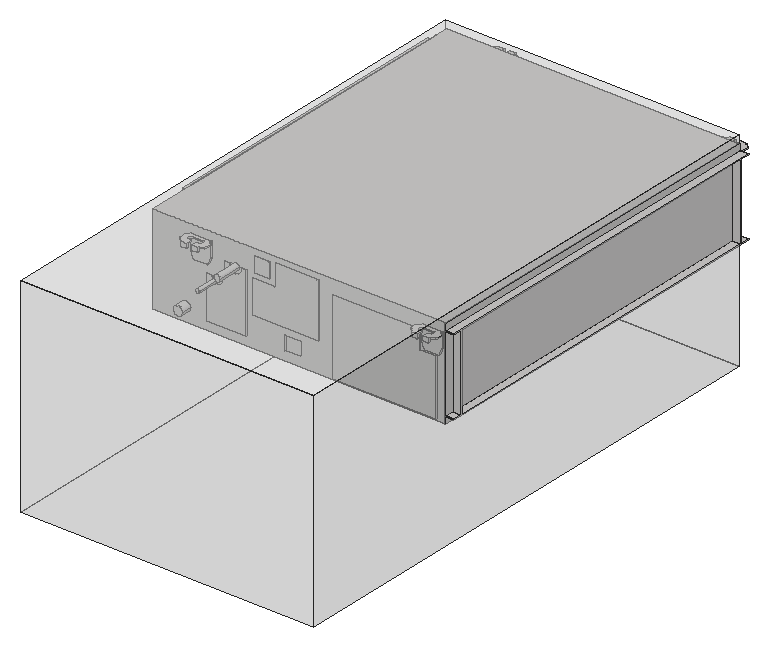
Revit family "outputfile", category 機械設備, Revit 2024
Family settings
  丸型コネクタ寸法 = 半径を使用
  パーツ タイプ = 標準
  OmniClass 番号 = 23.75.10.24.21.27.27
  OmniClass タイトル = Split System Air Conditioning Units
  作業面ベース = いいえ
  常に垂直 = はい
  ロード時にボイドで切り取り = いいえ
  注釈の向きを維持 = いいえ
  共有 = いいえ
  部屋計算ポイント = はい
Parameters (values of type "FBFC71DVM4")
  Description = ""
  製造元 = "Daikin"
  書き出し IFC クラス(タイプ) = "IfcUnitaryEquipmentType"
  定義済み IFC タイプ(タイプ) = "AIRCONDITIONINGUNIT"
  Cost = 0
  モデル = "FBFC71DVM4"
  Type Comments = ""
  Keynote = ""
  Type Image = (empty or 0)
  Assembly Code = ""
  switch_frequency = yes
  r_Liquid Pipe Size = Liquid Pipe Size / 2  # 4.75 mm
  r_Gas Pipe Size = Gas Pipe Size / 2  # 7.95 mm
  r_Drain Pipe Size = Drain Pipe Size / 2  # 12.5 mm
  lw_power = 770.0 mm  # constant formula
  lh_SA = 138.0 mm  # constant formula
  lw_SA = if(Depth = 550.0 mm, 225.0 mm, if(Depth = 700.0 mm, 300.0 mm, if(Depth = 1000.0 mm, 450.0 mm, if(Depth = 1400.0 mm, 650.0 mm, 725.0 mm))))  # 450.0 mm
  lw_RA = if(Depth = 550.0 mm, 275.0 mm, if(Depth = 700.0 mm, 349.0 mm, if(Depth = 1000.0 mm, 499.0 mm, if(Depth = 1400.0 mm, 699.0 mm, 775.0 mm))))  # 499.0 mm
  lh_power = 60.0 mm + [h***]  # 60.0 mm
  lh_mountinghole1 = lh_mountinghole + [h***]  # 222.0 mm
  lh_RA = 123.0 mm  # constant formula
  ld_power = Depth / 2  # 500.0 mm
  connector_voltage = Voltage_50Hz  # 230 V
  connector_powerinput = [Power Input (Cooling)]  # 0.000 kW
  connector_phase = Phase_50Hz  # 1
  Voltage_comment_50Hz = "220 - 240"
  Voltage_50Hz = 230 V
  URL = ""
  Supply Air Direction [instance] = yes
  Sound Power Level_H speed (dB) = 0
  Phase_50Hz = 1
  Minimum External Static Pressure = 40.00 Pa
  Minimum Circuit Amps_50Hz = 0.0 A
  Maximum Fuse Amps_50Hz = 0.0 A
  Maximum External Static Pressure = 140.00 Pa
  Material_Casing = DAIKIN_GalvanizedSteel_Casing_indoorunit
  lw_mountinghole = 630.0 mm  # constant formula
  lh_gaspipe = 183.0 mm + [h***]  # 183.0 mm
  lh_mountinghole = 222.0 mm  # constant formula
  lh_liquidpipe = 136.0 mm + [h***]  # 136.0 mm
  lh_drainpipe = 38.0 mm + [h***]  # 38.0 mm
  lh_antena = Height - lh_mountinghole + 1.0 mm  # 24.0 mm
  ld_drainpipe = Depth / 2 + 26.0 mm  # 526.0 mm
  ld_liquidpipe = Depth / 2 + 69.0 mm  # 569.0 mm
  ld_gaspipe = Depth / 2 + 65.0 mm  # 565.0 mm
  ld_mountinghole = Depth + 38.0 mm  # 1038.0 mm
  h*** = 0.0 mm  # constant formula
  lw_liquidpipe = 179.0 mm  # constant formula
  lw_gaspipe = 229.0 mm  # constant formula
  lw_drainpipe = 91.0 mm  # constant formula
  Width = 800.0 mm
  Version = "ver.1.0"
  Unit Type = "M.S.P. Duct"
  Unit Mass Weight = 36.00 kg
  Unit Designation [instance] = ""
  Uniclass2015Version = "Products v1.30"
  Uniclass2015Title = "Split coil room air conditioning units"
  Uniclass2015Code = "Pr_70_65_03_86"
  Total Cooling Capacity [instance] = 0.000 kW
  Sound Pressure Level_M speed (dBA) = 37
  Sound Pressure Level_L speed (dBA) = 34
  Sound Pressure Level_H speed (dBA) = 39
  Series = "SkyAir_Fan Coil Unit"
  Sensible Cooling Capacity [instance] = 0.000 kW
  SA Duct Size Width = 792.0 mm
  SA Duct Size Height = 176.0 mm
  Refrigerant Type = "R32"
  RA Duct Size Width = 952.0 mm
  RA Duct Size Height = 208.0 mm
  Power Input (Cooling) = 0.000 kW
  Option Accessory 3 [instance] = ""
  Option Accessory 2 [instance] = ""
  Option Accessory 1 [instance] = ""
  Nominal Cooling Capacity = 7.100 kW
  Minimum Airflow = 990.00 m³/h
  Median Airflow = 1200.00 m³/h
  Maximum Airflow = 1500.00 m³/h
  Load Classification = HVAC
  Liquid Pipe Size = 9.5 mm
  Link_Nested Family [instance] = ""
  IfcVersion = ""
  IfcExportType = "AIRCONDITIONINGUNIT"
  IfcExportAs = "IfcUnitaryEquipmentType"
  Height = 245.0 mm
  Heat Exchanger Type = "Cross Fin Coil"
  Gas Pipe Size = 15.9 mm
  Frequency_50Hz = 50 Hz
  Fan Type = "Sirocco Fan"
  Fan Drive = "Direct Drive"
  FCU Tag No. [instance] = ""
  Drain Pipe Size = 25.0 mm
  Design Supply Airflow [instance] = 0.00 m³/h
  Design Return Airflow [instance] = 0.00 m³/h
  Design External Static Pressure [instance] = 0.00 Pa
  Depth = 1000.0 mm
  既定の高さ = 0.0 mm
  Cooling Entering Wet Bulb Temperature [instance] = 0.00 °C
  Cooling Entering Dry Bulb Temperature [instance] = 0.00 °C
  Cooling Ambient Wet Bulb Temperature [instance] = 0.00 °C
  Cooling Ambient Dry Bulb Temperature [instance] = 0.00 °C
  Clearance visibility [instance] = yes
  Clearance Top = 20.0 mm
  Clearance Right = 0.0 mm
  Clearance Rear = 0.0 mm
  Clearance Left = 0.0 mm
  Clearance Front = 450.0 mm
  Clearance Bottom = 300.0 mm
Reference planes
  plane 1 "Center (Front/Back)": y = 0
  plane 2 "h": z = 0
  plane 3 "Center (Left/Right)": x = 0
  plane 4 "Back": y = 500
  plane 5 "Front": y = -500
  plane 6 "Left": x = -400
  plane 7 "Right": x = 400
  plane 8 "Top": z = 0
  plane 9 "Bottom": z = -245
  plane 10: y = -215
  plane 11: y = 500
  plane 12: y = -950
  plane 13: x = -400
  plane 14: x = 400
  plane 15: z = 20
  plane 16: z = -545
  plane 17: x = -400
  plane 18: x = -399
  plane 19: x = 399
  plane 20: y = 50
  plane 21: y = -1
  plane 22: z = -122
  plane 23: y = -501
  plane 24: z = -109
  plane 25: x = -221
  plane 26: y = -565
  plane 27: z = -62
  plane 28: x = -171
  plane 29: y = -526
  plane 30: z = -207
  plane 31: x = -309
  plane 32: x = -309
  plane 33: x = -221
  plane 34: x = -171
  plane 35: x = 370
  plane 36: x = -266
  plane 37: x = 364
  plane 38: y = -519
  plane 39: y = 519
  plane 40: z = -23
  plane 41: z = -107
  plane 42: y = -569
  plane 43: y = -376
  plane 44: x = -251
  plane 45: x = -203
  plane 46: x = -144
  plane 47: z = -59
  plane 48: z = -106
  plane 49: z = -221
  plane 50: z = -109
  plane 51: x = -221
  plane 52: z = -62
  plane 53: x = -171
  plane 54: z = -17
  plane 55: z = -59
  plane 56: x = -121
  plane 57: x = -79
  plane 58: x = -125
  plane 59: x = -64
  plane 60: x = 53
  plane 61: z = -164
  plane 62: z = -73
  plane 63: z = -16
  plane 64: x = 93.5
  plane 65: x = 374.5
  plane 66: x = 330
  plane 67: z = -88.5
  plane 68: z = -38
  plane 69: z = -242.5
  plane 70: x = -38.5
  plane 71: x = 6.5
  plane 72: z = -181
  plane 73: z = -221
  plane 74: y = -499
  plane 75: x = -424
  plane 76: x = 424
Forms (mm)
  Extrusion 1, solid, material "DAIKIN_GalvanizedSteel_Casing_indoorunit" <- "Material_Casing"
    sketch origin (0, 0, 0) x (1, 0, 0) y (0, 1, 0)
      loop
        line (-399, 500) -> (-399, -500) -> (399, -500) -> (399, 500) -> (-399, 500)
    from -245 to 0
  Extrusion 2, solid, material "DAIKIN_GalvanizedSteel_Casing_indoorunit" <- "Material_Casing"
    sketch origin (0, 0, 0) x (1, 0, 0) y (0, 0, 1)
      loop
        line (-251, -221) -> (-144, -221) -> (-144, -59) -> (-154.47, -59)
        arc (-154.47, -59) -> (-171, -78.8) -> (-187.53, -59) r 16.8
        line (-187.53, -59) -> (-203, -59) -> (-203, -106) -> (-206.916, -106)
        arc (-206.916, -106) -> (-221, -123.4) -> (-235.084, -106) r 14.4
        line (-235.084, -106) -> (-251, -106) -> (-251, -221)
    from 500 to 501
  Extrusion 3, solid, material "DAIKIN_GalvanizedSteel_Casing_indoorunit" <- "Material_Casing"
    sketch origin (0, 0, 0) x (1, 0, 0) y (0, 0, 1)
      loop
        line (-121, -17) -> (-121, -59) -> (-79, -59) -> (-79, -17) -> (-121, -17)
      loop
        line (-125, -73) -> (-125, -164) -> (53, -164) -> (53, -16) -> (-64, -16) -> (-64, -73) -> (-125, -73)
    from 500 to 501
  Extrusion 4, solid, material "DAIKIN_GalvanizedSteel_Casing_indoorunit" <- "Material_Casing"
    sketch origin (0, 0, 0) x (1, 0, 0) y (0, 0, 1)
      loop
        line (93.5, -38) -> (93.5, -242.5) -> (374.5, -242.5) -> (374.5, -88.5) -> (330, -88.5) -> (330, -38) -> (93.5, -38)
    from 500 to 501
  Extrusion 5, solid, material "DAIKIN_GalvanizedSteel_Casing_indoorunit" <- "Material_Casing"
    sketch origin (0, 0, 0) x (1, 0, 0) y (0, 0, 1)
      loop
        circle (-221, -109) r 4.75
    from 500 to 569
  Extrusion 6, solid, material "DAIKIN_GalvanizedSteel_Casing_indoorunit" <- "Material_Casing"
    sketch origin (0, 0, 0) x (1, 0, 0) y (0, 0, 1)
      loop
        circle (-171, -62) r 7.95
    from 500 to 565
  Extrusion 7, solid, material "DAIKIN_GalvanizedSteel_Casing_indoorunit" <- "Material_Casing"
    sketch origin (0, 0, 0) x (1, 0, 0) y (0, 0, 1)
      loop
        circle (-309, -207) r 12.5
    from 500 to 526
  Extrusion 8, void
    sketch origin (0, 0, 0) x (1, 0, 0) y (0, 0, 1)
      loop
        line (-38.5, -181) -> (-38.5, -221) -> (6.5, -221) -> (6.5, -181) -> (-38.5, -181)
    from 499 to 500
Cuts and joins
  Extrusion 8 cuts Extrusion 1
Dimensions and locks
  "Height": plane 8 "Top" to plane 9 "Bottom"
  equal spacing: plane 4 "Back", plane 1 "Center (Front/Back)", plane 5 "Front"
  "Depth": plane 4 "Back" to plane 5 "Front"
  equal spacing: plane 6 "Left", plane 3 "Center (Left/Right)", plane 7 "Right"
  "Width": plane 6 "Left" to plane 7 "Right"
  "Clearance Left": plane 13 to plane 6 "Left"
  "Clearance Right": plane 7 "Right" to plane 14
  "Clearance Rear": plane 11 to plane 4 "Back"
  "Clearance Front": plane 5 "Front" to plane 12
  "Clearance Top": plane 15 to plane 8 "Top"
  "Clearance Bottom": plane 9 "Bottom" to plane 16
  locked: plane 17 to plane 18 at 1
  locked: plane 19 to plane 14 at 1
  "lw_SA": plane 11 to plane 20
  "lw_RA": plane 21 to plane 5 "Front"
  "lh_RA": plane 22 to plane 9 "Bottom"
  locked: plane 5 "Front" to plane 23 at 1
  "lw_liquidpipe": plane 25 to plane 6 "Left"
  "lh_liquidpipe": plane 24 to plane 9 "Bottom"
  "lh_gaspipe": plane 27 to plane 9 "Bottom"
  "lw_gaspipe": plane 28 to plane 6 "Left"
  "ld_gaspipe": plane 26 to plane 1 "Center (Front/Back)"
  "ld_drainpipe": plane 29 to plane 1 "Center (Front/Back)"
  "lh_drainpipe": plane 30 to plane 9 "Bottom"
  "lw_drainpipe": plane 31 to plane 6 "Left"
  "lw_drainpipe": plane 6 "Left" to plane 32
  "lw_liquidpipe": plane 6 "Left" to plane 33
  "lw_gaspipe": plane 6 "Left" to plane 34
  "lw_power": plane 6 "Left" to plane 35
  locked: plane 17 to plane 36 at 134
  "lw_mountinghole": plane 36 to plane 37
  equal spacing: plane 38, plane 1 "Center (Front/Back)", plane 39
  "ld_mountinghole": plane 39 to plane 38
  "lh_mountinghole": plane 40 to plane 9 "Bottom"
  "lh_SA": plane 41 to plane 9 "Bottom"
  plane 46 to plane 45 to plane 44 to plane 6 "Left" = 59.0 mm, 48.0 mm, 149.0 mm
  plane 8 "Top" to plane 47 to plane 48 to plane 49 = 59.0 mm locked, 47.0 mm locked, 115.0 mm locked
  plane 53 to plane 51 to plane 6 "Left" = 50.0 mm locked, 179.0 mm locked
  plane 52 to plane 50 to plane 9 "Bottom" = 47.0 mm locked, 136.0 mm locked
  plane 57 to plane 56 to plane 6 "Left" = 42.0 mm locked, 279.0 mm locked
  plane 8 "Top" to plane 54 to plane 55 = 17.0 mm locked, 42.0 mm locked
  plane 60 to plane 59 to plane 58 to plane 6 "Left" = 117.0 mm, 61.0 mm, 275.0 mm
  plane 8 "Top" to plane 63 to plane 62 = 16.0 mm locked, 57.0 mm locked
  locked: plane 63 to plane 61 at 148
  plane 8 "Top" to plane 68 to plane 67 to plane 69 = 38.0 mm locked, 50.5 mm locked, 154.0 mm locked
  plane 65 to plane 66 to plane 64 to plane 6 "Left" = 44.5 mm locked, 236.5 mm locked, 493.5 mm locked
  plane 8 "Top" to plane 72 to plane 73 = 181.0 mm locked, 40.0 mm locked
  plane 71 to plane 70 to plane 6 "Left" = 45.0 mm, 361.5 mm
  locked: plane 74 to plane 5 "Front" at 1
  locked: plane 75 to plane 17 at 24
  locked: plane 14 to plane 76 at 24
  "ld_liquidpipe": plane 42 to plane 1 "Center (Front/Back)"
  "r_Liquid Pipe Size": radius of Extrusion 5 sketch curve
  "r_Gas Pipe Size": radius of Extrusion 6 sketch curve
  "r_Drain Pipe Size": radius of Extrusion 7 sketch curve
  aligned and locked: level to plane 2 "h"
  aligned and locked: plane 8 "Top" to Extrusion 1
  aligned and locked: Extrusion 1 to plane 9 "Bottom"
  aligned and locked: nested 5 to plane 12
  aligned and locked: plane 13 to nested 5
  aligned and locked: plane 14 to nested 5
  aligned and locked: nested 5 to plane 13
  aligned and locked: plane 11 to nested 5
  aligned and locked: plane 15 to nested 5
  aligned and locked: plane 16 to nested 5
  aligned and locked: plane 5 "Front" to Extrusion 1 sketch curve
  aligned and locked: Extrusion 1 to plane 18
  aligned and locked: plane 19 to Extrusion 1
  aligned and locked: nested 7 to plane 18
  aligned and locked: nested 7 to plane 20
  aligned and locked: plane 19 to nested 8
  aligned and locked: plane 21 to nested 8
  aligned and locked: plane 22 to nested 8
  aligned and locked: Extrusion 2 to plane 23
  aligned and locked: plane 5 "Front" to Extrusion 2
  aligned and locked: Extrusion 3 to plane 23
  aligned and locked: plane 5 "Front" to Extrusion 3
  aligned and locked: plane 5 "Front" to Extrusion 4
  aligned and locked: Extrusion 5 sketch curve to plane 25
  aligned and locked: plane 24 to Extrusion 5 sketch curve
  aligned and locked: plane 5 "Front" to Extrusion 5
  aligned and locked: Extrusion 6 sketch curve to plane 28
  aligned and locked: plane 27 to Extrusion 6 sketch curve
  aligned and locked: plane 5 "Front" to Extrusion 6
  aligned and locked: Extrusion 7 sketch curve to plane 31
  aligned and locked: plane 30 to Extrusion 7 sketch curve
  aligned and locked: Extrusion 7 to plane 29
  aligned and locked: nested 3 to plane 29
  aligned and locked: plane 32 to nested 3
  aligned and locked: nested 2 to plane 33
  aligned and locked: nested 1 to plane 34
  aligned and locked: Extrusion 6 to plane 26
  aligned and locked: nested 1 to plane 26
  aligned and locked: nested 6 to plane 5 "Front"
  aligned and locked: nested 6 to plane 35
  aligned and locked: plane 36 to nested 10
  aligned and locked: nested 10 to plane 5 "Front"
  aligned and locked: plane 37 to nested 9
  aligned and locked: nested 9 to plane 5 "Front"
  aligned and locked: nested 11 to plane 36
  aligned and locked: plane 4 "Back" to nested 11
  aligned and locked: nested 12 to plane 37
  aligned and locked: plane 4 "Back" to nested 12
  aligned and locked: plane 40 to nested 10
  aligned and locked: plane 40 to nested 11
  aligned and locked: plane 40 to nested 9
  aligned and locked: plane 40 to nested 12
  aligned and locked: plane 36 to nested 14
  aligned and locked: nested 14 to plane 39
  aligned and locked: plane 37 to nested 13
  aligned and locked: nested 13 to plane 39
  aligned and locked: plane 37 to nested 16
  aligned and locked: plane 38 to nested 16
  aligned and locked: plane 38 to nested 15
  aligned and locked: plane 36 to nested 15
  aligned and locked: plane 17 to plane 6 "Left"
  aligned and locked: plane 41 to nested 7
  aligned and locked: Extrusion 5 to plane 42
  aligned and locked: nested 2 to plane 42
  aligned and locked: Extrusion 3 sketch curve to plane 54
  aligned and locked: Extrusion 3 sketch curve to plane 56
  aligned and locked: plane 55 to Extrusion 3 sketch curve
  aligned and locked: plane 57 to Extrusion 3 sketch curve
  aligned and locked: Extrusion 4 to plane 23
  aligned and locked: Extrusion 8 sketch curve to plane 72
  aligned and locked: plane 73 to Extrusion 8 sketch curve
  aligned and locked: plane 71 to Extrusion 8 sketch curve
  aligned and locked: plane 5 "Front" to Extrusion 8
  aligned and locked: plane 74 to Extrusion 8
  aligned and locked: nested 17 to plane 20
  aligned and locked: nested 17 to plane 75
  aligned and locked: plane 21 to nested 18
  aligned and locked: plane 76 to nested 18
  aligned and locked: plane 41 to nested 17
  aligned and locked: nested 18 to plane 22
  aligned and locked: nested 4 to plane 3 "Center (Left/Right)"
  aligned and locked: plane 1 "Center (Front/Back)" to nested 4
  aligned and locked: level to plane 8 "Top"
  aligned and locked: plane 5 "Front" to Extrusion 7
Automatic sketch dimensions
  plane 6 "Left" to Extrusion 1 sketch curve = 1.0 mm
  Extrusion 1 sketch curve to plane 7 "Right" = 1.0 mm
  Extrusion 1 sketch curve to plane 4 "Back" = 0.0 mm
  Extrusion 2 sketch curve to plane 44 = 0.0 mm
  Extrusion 2 sketch curve to plane 33 = 0.0 mm
  Extrusion 2 sketch curve to plane 45 = 0.0 mm
  Extrusion 2 sketch curve to plane 34 = 0.0 mm
  Extrusion 2 sketch curve to plane 46 = 0.0 mm
  Extrusion 2 sketch curve to plane 49 = 0.0 mm
  Extrusion 2 sketch curve to plane 50 = 0.0 mm
  Extrusion 2 sketch curve to plane 48 = 0.0 mm  (x3)
  Extrusion 2 sketch curve to plane 52 = 0.0 mm
  Extrusion 2 sketch curve to plane 47 = 0.0 mm  (x3)
  plane 33 to Extrusion 2 sketch curve = 14.084 mm
  plane 34 to Extrusion 2 sketch curve = 16.53 mm
  Extrusion 3 sketch curve to plane 58 = 0.0 mm
  Extrusion 3 sketch curve to plane 59 = 0.0 mm
  Extrusion 3 sketch curve to plane 60 = 0.0 mm
  Extrusion 3 sketch curve to plane 61 = 0.0 mm
  Extrusion 3 sketch curve to plane 62 = 0.0 mm
  Extrusion 3 sketch curve to plane 63 = 0.0 mm
  Extrusion 4 sketch curve to plane 64 = 0.0 mm
  Extrusion 4 sketch curve to plane 66 = 0.0 mm
  Extrusion 4 sketch curve to plane 65 = 0.0 mm
  Extrusion 4 sketch curve to plane 69 = 0.0 mm
  Extrusion 4 sketch curve to plane 67 = 0.0 mm
  Extrusion 4 sketch curve to plane 68 = 0.0 mm
  Extrusion 8 sketch curve to plane 70 = 0.0 mm
Nested families
  nested 1: "daikin_connector_rotate2" at (-171, 0, -62), length <- "ld_gaspipe", built-in parameter 1001364 <- "lh_gaspipe", radius <- "r_Gas Pipe Size", type "daikin_connector_rotate2"
    with radius 7.95 mm, length 565.0 mm, angle_vertical 90.00°
  nested 2: "daikin_connector_rotate2" at (-221, 0, -109), length <- "ld_liquidpipe", built-in parameter 1001364 <- "lh_liquidpipe", radius <- "r_Liquid Pipe Size", type "daikin_connector_rotate2"
    with radius 4.75 mm, length 569.0 mm, angle_vertical 90.00°
  nested 3: "daikin_connector_rotate2" at (-309, 0, -207), length <- "ld_drainpipe", built-in parameter 1001364 <- "lh_drainpipe", radius <- "r_Drain Pipe Size", type "daikin_connector_rotate2"
    with radius 12.5 mm, length 526.0 mm, angle_vertical 90.00°
  nested 4: "daikin_△_symbolicline" at (0, 0, 245) x (0, -1, 0) z (0, 0, 1), built-in parameter 1001364 <- "Height", visible <- "Supply Air Direction", type "daikin_△_symbolicline"
    with length 200.0 mm
  nested 5: "daikin_clearancespace" at (0, -225, -262.381), visible <- "Clearance visibility", show <- "Clearance visibility", Link_Nested Family <- "Link_Nested Family", type "daikin_clearancespace"
    with width 800.0 mm, show yes, height 565.0 mm, depth 1450.0 mm, Link_Nested Family ""
  nested 6: "daikin_connector_rotate2" at (370, 0, -185), built-in parameter 1001364 <- "lh_power", length <- "ld_power", type "daikin_connector_rotate2"
    with radius 10.0 mm, length 500.0 mm, angle_vertical 90.00°
  nested 7: "daikin_ductflange_FBFC-DVM42" at (-399, 50, -107) x (0, -1, 0) z (0, 0, 1), type "daikin_ductflange_FBFC-DVM42"
    with width 792.0 mm, w 1000.0 mm
  nested 8: "daikin_ductflange_FBFC-DVM4" at (399, -1, -122) x (0, 1, 0) z (0, 0, 1), type "daikin_ductflange_FBFC-DVM4"
    with width 952.0 mm, lw 25.0 mm, w 1000.0 mm
  nested 9: "daikin_hangerfixture_FBFC-DVM4" at (364, -500, -23), type "daikin_hangerfixture_FBFC-DVM4"
  nested 10: "daikin_hangerfixture_FBFC-DVM4" at (-266, -500, -23), type "daikin_hangerfixture_FBFC-DVM4"
  nested 11: "daikin_hangerfixture_FBFC-DVM4" at (-266, 500, -23) x (-1, 0, 0) z (0, 0, 1), type "daikin_hangerfixture_FBFC-DVM4"
  nested 12: "daikin_hangerfixture_FBFC-DVM4" at (364, 500, -23) x (-1, 0, 0) z (0, 0, 1), type "daikin_hangerfixture_FBFC-DVM4"
  nested 13: "daikin_mountinghole" at (364, 519, -245), h_mountinghole <- "lh_mountinghole1", l_antenna <- "lh_antena", Link_Nested Family <- "Link_Nested Family", type "daikin_mountinghole"
    with show yes, l_antenna 24.0 mm, h_mountinghole 222.0 mm, Link_Nested Family ""
  nested 14: "daikin_mountinghole" at (-266, 519, -245), h_mountinghole <- "lh_mountinghole1", l_antenna <- "lh_antena", Link_Nested Family <- "Link_Nested Family", type "daikin_mountinghole"
    with show yes, l_antenna 24.0 mm, h_mountinghole 222.0 mm, Link_Nested Family ""
  nested 15: "daikin_mountinghole" at (-266, -519, -245), h_mountinghole <- "lh_mountinghole1", l_antenna <- "lh_antena", Link_Nested Family <- "Link_Nested Family", type "daikin_mountinghole"
    with show yes, l_antenna 24.0 mm, h_mountinghole 222.0 mm, Link_Nested Family ""
  nested 16: "daikin_mountinghole" at (364, -519, -245), h_mountinghole <- "lh_mountinghole1", l_antenna <- "lh_antena", Link_Nested Family <- "Link_Nested Family", type "daikin_mountinghole"
    with show yes, l_antenna 24.0 mm, h_mountinghole 222.0 mm, Link_Nested Family ""
  nested 17: "daikin_connector_rotate2" at (-400, 50, -107) x (0, -1, 0) z (0, 0, 1), type "daikin_connector_rotate2"
    with radius 10.0 mm, length 24.0 mm, angle_vertical 90.00°
  nested 18: "daikin_connector_rotate2" at (400, -1, -122) x (0, 1, 0) z (0, 0, 1), type "daikin_connector_rotate2"
    with radius 10.0 mm, length 24.0 mm, angle_vertical 90.00°
Connectors
  piping at (-309, -526, -207), diameter 25, driven by "r_Drain Pipe Size"
    settings: on nested 3, index 3, connector inside diameter 609.6 mm, connector length 0.0 mm, flow factor 0, pipe flow 0.00 m³/h, pressure drop 0.0 Pa, fitting loss kfactor 0, connector angle 0.00°, fixture units 0, engagement length 0.0 mm, angle of deflection 0.00°, flow configuration 1, flow direction 2, fitting loss method 4, system type 16, joint type 0, gender type 0, connector reference index -1, connector utility 0, adjustable connector no, is connector primary yes, connector description "Condensate Drain Piping"
  piping at (-171, -565, -62), diameter 15.9, driven by "r_Gas Pipe Size"
    settings: on nested 1, index 4, connector inside diameter 609.6 mm, connector length 0.0 mm, flow factor 0, pipe flow 0.00 m³/h, pressure drop 0.0 Pa, fitting loss kfactor 0, connector angle 0.00°, fixture units 0, engagement length 0.0 mm, angle of deflection 0.00°, flow configuration 1, flow direction 2, fitting loss method 0, system type 29, joint type 0, gender type 0, connector reference index -1, connector utility 0, adjustable connector no, is connector primary no, connector description "Refrigerant Gas Piping"
  piping at (-221, -569, -109), diameter 9.5, driven by "r_Liquid Pipe Size"
    settings: on nested 2, index 5, connector inside diameter 609.6 mm, connector length 0.0 mm, flow factor 0, pipe flow 0.00 m³/h, pressure drop 0.0 Pa, fitting loss kfactor 0, connector angle 0.00°, fixture units 0, engagement length 0.0 mm, angle of deflection 0.00°, flow configuration 1, flow direction 1, fitting loss method 0, system type 29, joint type 0, gender type 0, connector reference index -1, connector utility 0, adjustable connector no, is connector primary no, connector description "Refrigerant Liquid Piping"
  electrical at (370, -500, -185), driven by "Load Classification", driven by "connector_powerinput", driven by "connector_voltage", driven by "connector_phase"
    settings: on nested 6, index 6, voltage 230 V, apparent load 0 VA, apparent load phase1 0 VA, apparent load phase2 0 VA, apparent load phase3 0 VA, power factor 1, load classification "HVAC", number of poles 1, system type 30, power factor state 1, is connector primary yes, connector utility no, sub classification motor no, connector description "Power Supply"
  hvac at (-424, 50, -107), driven by "SA Duct Size Height", driven by "SA Duct Size Width"
    settings: on nested 17, index 7, duct flow 0.00 m³/h, flow factor 0, pres drop 0.00 Pa, loss coef 0, conn angle 0.00°, conn width 792.0 mm, conn height 176.0 mm, conn diameter 609.6 mm, duct sys type 1, conn prof type 1, flow config 0, flow direction 2, loss method 4, conn ref index -1, conn util no, is conn primary yes, conn desc "SA Duct"
  hvac at (424, -1, -122), driven by "RA Duct Size Height", driven by "RA Duct Size Width"
    settings: on nested 18, index 8, duct flow 0.00 m³/h, flow factor 0, pres drop 0.00 Pa, loss coef 0, conn angle 0.00°, conn width 952.0 mm, conn height 208.0 mm, conn diameter 609.6 mm, duct sys type 2, conn prof type 1, flow config 0, flow direction 1, loss method 4, conn ref index -1, conn util no, is conn primary no, conn desc "RA Duct"
Definition of nested family "daikin_clearancespace"
  Parameters (values of type "daikin_clearancespace")
    Description = "daikin_clearancespace"
    width [instance] = 1823.963 mm
    show [instance] = yes
    material = none
    height [instance] = 1359.762 mm
    depth [instance] = 880.0 mm
    Default Elevation = 0.0 mm
    Link_Nested Family [instance] = ""
  Reference planes
    plane 1 "Center (Front/Back)": y = 0
    plane 2 "Center (Elevation)": z = -0.119
    plane 3 "Center (Left/Right)": x = 0
    plane 4: y = 440
    plane 5: y = -440
    plane 6 "Right": x = 911.982
    plane 7 "Left": x = -911.982
    plane 8 "Top": z = 679.762
    plane 9 "Bottom": z = -680
  Forms (mm)
    Extrusion 1, solid, material <- "material", visible <- "show"
      sketch origin (0, 0, 0) x (1, 0, 0) y (0, 1, 0)
        loop
          line (-911.982, 440) -> (-911.982, -440) -> (911.982, -440) -> (911.982, 440) -> (-911.982, 440)
      from -680 to 679.762
  Lines and regions (mm)
    symbolic lines, visible <- "show"
      curve 1: line (911.982, 440, 0) -> (-911.982, 440, 0)
      curve 2: line (-911.982, 440, 0) -> (-911.982, -440, 0)
      curve 3: line (-911.982, -440, 0) -> (911.982, -440, 0)
      curve 4: line (911.982, -440, 0) -> (911.982, 440, 0)
      curve 5: line (911.982, 0, 679.762) -> (-911.982, 0, 679.762)
      curve 6: line (911.982, 0, -680) -> (911.982, 0, 679.762)
      curve 7: line (-911.982, 0, -680) -> (911.982, 0, -680)
      curve 8: line (-911.982, 0, 679.762) -> (-911.982, 0, -680)
      curve 9: line (0, 440, 679.762) -> (0, -440, 679.762)
      curve 10: line (0, -440, 679.762) -> (0, -440, -680)
      curve 11: line (0, 440, -680) -> (0, 440, 679.762)
      curve 12: line (0, -440, -680) -> (0, 440, -680)
  Dimensions and locks
    "width": plane 7 "Left" to plane 6 "Right"
    "depth": plane 4 to plane 5
    "height": plane 8 "Top" to plane 9 "Bottom"
    equal spacing: plane 7 "Left", plane 3 "Center (Left/Right)", plane 6 "Right"
    equal spacing: plane 4, plane 1 "Center (Front/Back)", plane 5
    equal spacing: plane 8 "Top", plane 2 "Center (Elevation)", plane 9 "Bottom"
    aligned and locked: level to plane 2 "Center (Elevation)"
    aligned and locked: Extrusion 1 sketch curve to plane 4
    aligned and locked: plane 7 "Left" to Extrusion 1 sketch curve
    aligned and locked: Extrusion 1 sketch curve to plane 5
    aligned and locked: Extrusion 1 sketch curve to plane 6 "Right"
    aligned and locked: plane 8 "Top" to Extrusion 1
    aligned and locked: curve 1 to Extrusion 1
    aligned and locked: curve 2 to Extrusion 1
    aligned and locked: curve 3 to Extrusion 1
    aligned and locked: curve 4 to Extrusion 1
    aligned and locked: curve 5 to Extrusion 1
    aligned and locked: curve 6 to Extrusion 1
    aligned and locked: curve 7 to Extrusion 1
    aligned and locked: curve 8 to Extrusion 1
    aligned and locked: curve 9 to Extrusion 1
    aligned and locked: curve 10 to Extrusion 1
    aligned and locked: curve 11 to Extrusion 1
    aligned and locked: curve 12 to Extrusion 1
    aligned and locked: Extrusion 1 to plane 9 "Bottom"
Definition of nested family "daikin_ductflange_FBFC-DVM42"
  Parameters (values of type "daikin_ductflange_FBFC-DVMG2")
    width = if(w = 550.0 mm, 337.0 mm, if(w = 700.0 mm, 492.0 mm, if(w = 1000.0 mm, 792.0 mm, if(w = 1400.0 mm, 1192.0 mm, 1337.0 mm))))  # 1192.0 mm
    material = none
    height = 215.0 mm
    depth = 1.0 mm
    w = 1400.0 mm
    Default Elevation = 0.0 mm
  Reference planes
    plane 1 "Center (Front/Back)": y = 0
    plane 2: z = 0
    plane 3 "Center (Left/Right)": x = 0
    plane 4: z = 88
    plane 5: z = -88
    plane 6: y = -25
    plane 7: z = 106
    plane 8: z = 89
    plane 9: y = -1
    plane 10: x = -617.5
    plane 11: x = 617.5
    plane 12: z = -106
    plane 13: z = -89
    plane 14: y = -1
    plane 15: x = 596
    plane 16: x = -596
    plane 17: x = 597
    plane 18: z = 87
    plane 19: z = -87
    plane 20: x = -597
    plane 21: z = 87
    plane 22: z = -87
    plane 23: y = -1
  Forms (mm)
    Extrusion 1, solid, material <- "material"
      sketch origin (0, 0, 0) x (0, 1, 0) y (0, 0, 1)
        loop
          line (-25, 88) -> (0, 88) -> (0, 106) -> (-1, 106) -> (-1, 89) -> (-25, 89) -> (-25, 88)
      from -617.5 to 617.5
    Extrusion 2, solid, material <- "material"
      sketch origin (0, 0, 0) x (0, 1, 0) y (0, 0, 1)
        loop
          line (-25, -88) -> (-25, -89) -> (-1, -89) -> (-1, -106) -> (0, -106) -> (0, -88) -> (-25, -88)
      from -617.5 to 617.5
    Extrusion 3, solid, material <- "material"
      sketch origin (0, 0, 0) x (1, 0, 0) y (0, 0, 1)
        loop
          line (596, 88) -> (596, -88) -> (617.5, -88) -> (617.5, -87) -> (597, -87) -> (597, 87) -> (617.5, 87) -> (617.5, 88) -> (596, 88)
      from 0 to 25
    Extrusion 4, solid, material <- "material"
      sketch origin (0, 0, 0) x (1, 0, 0) y (0, 0, 1)
        loop
          line (-617.5, 88) -> (-617.5, 87) -> (-597, 87) -> (-597, -87) -> (-617.5, -87) -> (-617.5, -88) -> (-596, -88) -> (-596, 88) -> (-617.5, 88)
      from 0 to 25
    Extrusion 5, solid, material <- "material"
      sketch origin (0, 0, 0) x (1, 0, 0) y (0, 0, 1)
        loop
          line (-617.5, 88) -> (-617.5, -88) -> (-596, -88) -> (-596, 88) -> (-617.5, 88)
        loop
          line (617.5, 88) -> (596, 88) -> (596, -88) -> (617.5, -88) -> (617.5, 88)
      from 0 to 1
  Cuts and joins
    joined: Extrusion 1, Extrusion 2, Extrusion 3, Extrusion 4, Extrusion 5
  Dimensions and locks
    plane 4 to level to plane 5 = 88.0 mm, 88.0 mm
    locked: plane 6 to plane 1 "Center (Front/Back)" at 25
    locked: plane 9 to plane 1 "Center (Front/Back)" at 1
    locked: plane 8 to plane 4 at 1
    locked: plane 16 to plane 10 at 21.5
    locked: plane 17 to plane 15 at 1
    locked: plane 4 to plane 18 at 1
    locked: plane 19 to plane 5 at 1
    "width": plane 15 to plane 16
    plane 4 to plane 5 = 176.0 mm
    locked: plane 16 to plane 20 at 1
    locked: plane 4 to plane 21 at 1
    locked: plane 22 to plane 5 at 1
    locked: plane 23 to plane 1 "Center (Front/Back)" at 1
    plane 4 to level to plane 5 = 88.0 mm locked, 88.0 mm locked
    locked: plane 5 to plane 13 at 1
    locked: plane 5 to plane 12 at 18
    locked: plane 7 to plane 4 at 18
    equal spacing: plane 15, plane 3 "Center (Left/Right)", plane 16
    locked: plane 11 to plane 15 at 21.5
    plane 11 to plane 10 = 1235.0 mm
    aligned and locked: level to plane 2
    aligned and locked: Extrusion 1 to plane 10
    aligned and locked: plane 11 to Extrusion 1
    aligned and locked: plane 5 to Extrusion 2
    aligned and locked: Extrusion 2 to plane 1 "Center (Front/Back)"
    aligned and locked: plane 15 to Extrusion 3 sketch curve
    aligned and locked: Extrusion 3 sketch curve to Extrusion 2  (x2)
    aligned and locked: Extrusion 3 sketch curve to plane 11
    aligned and locked: plane 6 to Extrusion 3
    aligned and locked: Extrusion 2 to plane 10
    aligned and locked: plane 11 to Extrusion 2
    aligned and locked: Extrusion 4 sketch curve to Extrusion 1  (x2)
    aligned and locked: plane 5 to Extrusion 4 sketch curve
    aligned and locked: Extrusion 4 sketch curve to plane 16
    aligned and locked: Extrusion 4 sketch curve to plane 22
    aligned and locked: plane 20 to Extrusion 4 sketch curve
    aligned and locked: plane 21 to Extrusion 4 sketch curve
    aligned and locked: Extrusion 4 to plane 1 "Center (Front/Back)"
    aligned and locked: plane 6 to Extrusion 4
    aligned and locked: Extrusion 5 sketch curve to Extrusion 1  (x4)
    aligned and locked: Extrusion 5 sketch curve to Extrusion 4  (x2)
    aligned and locked: Extrusion 5 sketch curve to Extrusion 3  (x2)
    aligned and locked: Extrusion 5 to plane 1 "Center (Front/Back)"
    aligned and locked: plane 23 to Extrusion 5
  Automatic sketch dimensions
    Extrusion 1 sketch curve to plane 6 = 0.0 mm
    Extrusion 1 sketch curve to plane 7 = 0.0 mm
    Extrusion 1 sketch curve to plane 9 = 0.0 mm
    Extrusion 1 sketch curve to plane 1 "Center (Front/Back)" = 0.0 mm
    Extrusion 1 sketch curve to plane 4 = 0.0 mm
    Extrusion 1 sketch curve to plane 8 = 0.0 mm
    Extrusion 2 sketch curve to plane 6 = 0.0 mm
    plane 12 to Extrusion 2 sketch curve = 0.0 mm
    Extrusion 2 sketch curve to plane 14 = 0.0 mm
    Extrusion 2 sketch curve to plane 1 "Center (Front/Back)" = 0.0 mm
    plane 13 to Extrusion 2 sketch curve = 0.0 mm
    Extrusion 2 sketch curve to plane 5 = 0.0 mm
    Extrusion 3 sketch curve to plane 17 = 0.0 mm
    Extrusion 3 sketch curve to plane 19 = 0.0 mm
    Extrusion 3 sketch curve to plane 18 = 0.0 mm
    Extrusion 3 sketch curve to plane 4 = 0.0 mm
    Extrusion 4 sketch curve to plane 10 = 0.0 mm
Definition of nested family "daikin_ductflange_FBFC-DVM4"
  Parameters (values of type "daikin_ductflange_FBFC-DVMG")
    width = if(w = 550.0 mm, 502.0 mm, if(w = 700.0 mm, 654.0 mm, if(w = 1000.0 mm, 952.0 mm, if(w = 1400.0 mm, 1352.0 mm, 1502.0 mm))))  # 654.0 mm
    material = none
    lw = if(width = 654.0 mm, 23.0 mm, 25.0 mm)  # 23.0 mm
    height = 208.0 mm
    depth = 1.0 mm
    w = 700.0 mm
    Default Elevation = 0.0 mm
  Reference planes
    plane 1 "Center (Front/Back)": y = 0
    plane 2: z = 0
    plane 3 "Center (Left/Right)": x = 0
    plane 4: z = 104
    plane 5: z = -104
    plane 6: y = -25
    plane 7: z = 121
    plane 8: z = 105
    plane 9: y = -1
    plane 10: x = -350
    plane 11: x = 350
    plane 12: z = -122
    plane 13: z = -105
    plane 14: y = -1
    plane 15: x = 327
    plane 16: x = -327
    plane 17: x = 328
    plane 18: z = 103
    plane 19: z = -103
    plane 20: x = -328
    plane 21: z = 103
    plane 22: z = -103
    plane 23: y = -1
  Forms (mm)
    Extrusion 1, solid, material <- "material"
      sketch origin (0, 0, 0) x (0, 1, 0) y (0, 0, 1)
        loop
          line (-25, 104) -> (0, 104) -> (0, 121) -> (-1, 121) -> (-1, 105) -> (-25, 105) -> (-25, 104)
      from -350 to 350
    Extrusion 2, solid, material <- "material"
      sketch origin (0, 0, 0) x (0, 1, 0) y (0, 0, 1)
        loop
          line (-25, -104) -> (-25, -105) -> (-1, -105) -> (-1, -122) -> (0, -122) -> (0, -104) -> (-25, -104)
      from -350 to 350
    Extrusion 3, solid, material <- "material"
      sketch origin (0, 0, 0) x (1, 0, 0) y (0, 0, 1)
        loop
          line (327, 104) -> (327, -104) -> (350, -104) -> (350, -103) -> (328, -103) -> (328, 103) -> (350, 103) -> (350, 104) -> (327, 104)
      from 0 to 25
    Extrusion 4, solid, material <- "material"
      sketch origin (0, 0, 0) x (1, 0, 0) y (0, 0, 1)
        loop
          line (-350, 104) -> (-350, 103) -> (-328, 103) -> (-328, -103) -> (-350, -103) -> (-350, -104) -> (-327, -104) -> (-327, 104) -> (-350, 104)
      from 0 to 25
    Extrusion 5, solid, material <- "material"
      sketch origin (0, 0, 0) x (1, 0, 0) y (0, 0, 1)
        loop
          line (-350, 104) -> (-350, -104) -> (-327, -104) -> (-327, 104) -> (-350, 104)
        loop
          line (350, 104) -> (327, 104) -> (327, -104) -> (350, -104) -> (350, 104)
      from 0 to 1
  Cuts and joins
    joined: Extrusion 1, Extrusion 2, Extrusion 3, Extrusion 4, Extrusion 5
  Dimensions and locks
    plane 4 to level to plane 5 = 104.0 mm, 104.0 mm
    locked: plane 6 to plane 1 "Center (Front/Back)" at 25
    locked: plane 9 to plane 1 "Center (Front/Back)" at 1
    locked: plane 8 to plane 4 at 1
    "lw": plane 11 to plane 15
    "lw": plane 16 to plane 10
    locked: plane 17 to plane 15 at 1
    locked: plane 4 to plane 18 at 1
    locked: plane 19 to plane 5 at 1
    "width": plane 15 to plane 16
    equal spacing: plane 15, plane 3 "Center (Left/Right)", plane 16
    locked: plane 16 to plane 20 at 1
    locked: plane 4 to plane 21 at 1
    locked: plane 22 to plane 5 at 1
    locked: plane 23 to plane 1 "Center (Front/Back)" at 1
    locked: plane 7 to plane 4 at 17
    locked: plane 1 "Center (Front/Back)" to plane 14 at 1
    locked: plane 5 to plane 13 at 1
    "height": plane 4 to plane 5
    plane 11 to plane 10 = 700.0 mm
    locked: plane 12 to plane 13 at 17
    equal spacing: plane 4, level, plane 5
    aligned and locked: level to plane 2
    aligned and locked: Extrusion 1 to plane 10
    aligned and locked: plane 11 to Extrusion 1
    aligned and locked: plane 5 to Extrusion 2
    aligned and locked: Extrusion 2 to plane 1 "Center (Front/Back)"
    aligned and locked: plane 15 to Extrusion 3 sketch curve
    aligned and locked: Extrusion 3 sketch curve to Extrusion 2  (x2)
    aligned and locked: Extrusion 3 sketch curve to plane 11
    aligned and locked: plane 6 to Extrusion 3
    aligned and locked: Extrusion 2 to plane 10
    aligned and locked: plane 11 to Extrusion 2
    aligned and locked: Extrusion 4 sketch curve to Extrusion 1  (x2)
    aligned and locked: plane 5 to Extrusion 4 sketch curve
    aligned and locked: Extrusion 4 sketch curve to plane 16
    aligned and locked: Extrusion 4 sketch curve to plane 22
    aligned and locked: plane 20 to Extrusion 4 sketch curve
    aligned and locked: plane 21 to Extrusion 4 sketch curve
    aligned and locked: Extrusion 4 to plane 1 "Center (Front/Back)"
    aligned and locked: plane 6 to Extrusion 4
    aligned and locked: Extrusion 5 sketch curve to Extrusion 1  (x4)
    aligned and locked: Extrusion 5 sketch curve to Extrusion 4  (x2)
    aligned and locked: Extrusion 5 sketch curve to Extrusion 3  (x2)
    aligned and locked: Extrusion 5 to plane 1 "Center (Front/Back)"
    aligned and locked: plane 23 to Extrusion 5
  Automatic sketch dimensions
    Extrusion 1 sketch curve to plane 6 = 0.0 mm
    Extrusion 1 sketch curve to plane 7 = 0.0 mm
    Extrusion 1 sketch curve to plane 9 = 0.0 mm
    Extrusion 1 sketch curve to plane 1 "Center (Front/Back)" = 0.0 mm
    Extrusion 1 sketch curve to plane 4 = 0.0 mm
    Extrusion 1 sketch curve to plane 8 = 0.0 mm
    Extrusion 2 sketch curve to plane 6 = 0.0 mm
    plane 12 to Extrusion 2 sketch curve = 0.0 mm
    Extrusion 2 sketch curve to plane 14 = 0.0 mm
    Extrusion 2 sketch curve to plane 1 "Center (Front/Back)" = 0.0 mm
    plane 13 to Extrusion 2 sketch curve = 0.0 mm
    Extrusion 2 sketch curve to plane 5 = 0.0 mm
    Extrusion 3 sketch curve to plane 17 = 0.0 mm
    Extrusion 3 sketch curve to plane 19 = 0.0 mm
    Extrusion 3 sketch curve to plane 18 = 0.0 mm
    Extrusion 3 sketch curve to plane 4 = 0.0 mm
    Extrusion 4 sketch curve to plane 10 = 0.0 mm
Definition of nested family "daikin_hangerfixture_FBFC-DVM4"
  Parameters (values of type "daikin_hangerfixture_FXMQ-PAVE")
    width = 72.0 mm
    material = none
    height = 60.0 mm
    depth = 41.0 mm
    Default Elevation = 0.0 mm
  Reference planes
    plane 1 "Center (Front/Back)": y = 0
    plane 2: z = 0
    plane 3 "Center (Left/Right)": x = 0
    plane 4: y = 417.146
    plane 5: y = -41
    plane 6: x = -36
    plane 7: x = 36
    plane 8: z = -2.3
    plane 9: z = -60
    plane 10: y = -2.3
    plane 11: z = -12
    plane 12: y = -38.7
  Forms (mm)
    Extrusion 1, solid, material <- "material"
      sketch origin (0, 0, 0) x (1, 0, 0) y (0, 1, 0)
        loop
          line (-28, 0) -> (-28, -5)
          arc (-28, -5) -> (-29.127, -8.162) -> (-32, -9.899) r 5
          arc (-32, -9.899) -> (-34.873, -11.636) -> (-36, -14.798) r 5
          line (-36, -14.798) -> (-36, -27.178)
          arc (-36, -27.178) -> (-35.429, -29.499) -> (-33.846, -31.289) r 5
          line (-33.846, -31.289) -> (-23, -38.798) -> (-23, -41.098) -> (-6.5, -41.098) -> (-6.5, -28.498)
          arc (-6.5, -28.498) -> (-7.379, -26.377) -> (-9.5, -25.498) r 3
          line (-9.5, -25.498) -> (-13.5, -25.498)
          arc (-13.5, -25.498) -> (-20, -18.998) -> (-13.5, -12.498) r 6.5
          line (-13.5, -12.498) -> (13.5, -12.498)
          arc (13.5, -12.498) -> (20, -18.998) -> (13.5, -25.498) r 6.5
          line (13.5, -25.498) -> (9.5, -25.498)
          arc (9.5, -25.498) -> (7.379, -26.377) -> (6.5, -28.498) r 3
          line (6.5, -28.498) -> (6.5, -41.098) -> (23, -41.098) -> (23, -38.798) -> (33.846, -31.289)
          arc (33.846, -31.289) -> (35.429, -29.499) -> (36, -27.178) r 5
          line (36, -27.178) -> (36, -14.596)
          arc (36, -14.596) -> (34.873, -11.434) -> (32, -9.697) r 5
          arc (32, -9.697) -> (29.127, -7.96) -> (28, -4.798) r 5
          line (28, -4.798) -> (28, 0) -> (-28, 0)
      from 0 to -2.3
    Extrusion 2, solid, material <- "material"
      sketch origin (0, 0, 0) x (1, 0, 0) y (0, 0, 1)
        loop
          line (28, -39.037) -> (28, 0) -> (-28, 0) -> (-28, -39.037)
          arc (-28, -39.037) -> (-27.91, -39.983) -> (-27.642, -40.894) r 5
          line (-27.642, -40.894) -> (-21.257, -56.857)
          arc (-21.257, -56.857) -> (-19.418, -59.14) -> (-16.615, -60) r 5
          line (-16.615, -60) -> (16.615, -60)
          arc (16.615, -60) -> (19.418, -59.14) -> (21.257, -56.857) r 5
          line (21.257, -56.857) -> (27.642, -40.894)
          arc (27.642, -40.894) -> (27.91, -39.983) -> (28, -39.037) r 5
      from 0 to 2.3
    Extrusion 3, solid, material <- "material"
      sketch origin (0, 0, 0) x (1, 0, 0) y (0, 0, 1)
        loop
          line (-23, 0) -> (-23, -9)
          arc (-23, -9) -> (-22.121, -11.121) -> (-20, -12) r 3
          line (-20, -12) -> (-9.5, -12)
          arc (-9.5, -12) -> (-7.379, -11.121) -> (-6.5, -9) r 3
          line (-6.5, -9) -> (-6.5, 0) -> (-23, 0)
        loop
          line (23, 0) -> (6.5, 0) -> (6.5, -9)
          arc (6.5, -9) -> (7.379, -11.121) -> (9.5, -12) r 3
          line (9.5, -12) -> (20, -12)
          arc (20, -12) -> (22.121, -11.121) -> (23, -9) r 3
          line (23, -9) -> (23, 0)
      from 38.8 to 41.098
  Cuts and joins
    joined: Extrusion 1, Extrusion 2, Extrusion 3
  Dimensions and locks
    plane 2 to plane 8 = 2.3 mm
    "height": plane 2 to plane 9
    locked: plane 10 to plane 1 "Center (Front/Back)" at 2.3
    locked: plane 2 to plane 11 at 12
    locked: plane 12 to plane 5 at 2.3
    aligned and locked: level to plane 2
    aligned and locked: Extrusion 1 to plane 8
    aligned and locked: plane 2 to Extrusion 1
    aligned and locked: plane 2 to Extrusion 2 sketch curve
    aligned and locked: Extrusion 2 to plane 10
    aligned and locked: Extrusion 2 to plane 1 "Center (Front/Back)"
    aligned and locked: Extrusion 3 sketch curve to cut or joined group of Extrusion 1, Extrusion 2, Extrusion 3  (x3)
    aligned and locked: cut or joined group of Extrusion 1, Extrusion 2, Extrusion 3 to Extrusion 3
  Automatic sketch dimensions
    Extrusion 2 sketch curve to plane 7 = 8.0 mm
    Extrusion 2 sketch curve to plane 8 = 36.737 mm
    plane 6 to Extrusion 2 sketch curve = 19.385 mm
    Extrusion 1 sketch curve to plane 6 = 0.0 mm
    plane 1 "Center (Front/Back)" to Extrusion 1 sketch curve = 0.0 mm
    Extrusion 1 sketch curve to plane 7 = 0.0 mm
    plane 6 to Extrusion 1 sketch curve = 2.154 mm
    plane 6 to Extrusion 1 sketch curve = 3.0 mm
    Extrusion 1 sketch curve to Extrusion 1 sketch curve = 5.0 mm  (x3)
    Extrusion 1 sketch curve to plane 12 = 0.098 mm  (x2)
    Extrusion 1 sketch curve to Extrusion 1 sketch curve = 4.0 mm  (x2)
    Extrusion 1 sketch curve to plane 5 = 0.098 mm  (x2)
    Extrusion 1 sketch curve to plane 3 "Center (Left/Right)" = 6.5 mm
    plane 3 "Center (Left/Right)" to Extrusion 1 sketch curve = 6.5 mm
    Extrusion 1 sketch curve to Extrusion 1 sketch curve = 3.0 mm
    Extrusion 1 sketch curve to plane 7 = 8.0 mm
    Extrusion 1 sketch curve to plane 7 = 5.0 mm
    Extrusion 1 sketch curve to plane 7 = 3.0 mm
    Extrusion 1 sketch curve to plane 7 = 2.154 mm
    plane 12 to Extrusion 1 sketch curve = 7.411 mm  (x2)
    plane 12 to Extrusion 1 sketch curve = 10.202 mm  (x2)
    Extrusion 1 sketch curve to Extrusion 1 sketch curve = 6.5 mm  (x2)
    Extrusion 1 sketch curve to Extrusion 1 sketch curve = 12.38 mm
    Extrusion 1 sketch curve to plane 10 = 12.296 mm
    Extrusion 1 sketch curve to plane 10 = 2.7 mm
    Extrusion 1 sketch curve to plane 10 = 2.498 mm
    plane 6 to Extrusion 1 sketch curve = 4.0 mm
    Extrusion 1 sketch curve to Extrusion 1 sketch curve = 0.0 mm  (x2)
    Extrusion 1 sketch curve to plane 7 = 4.0 mm
    Extrusion 1 sketch curve to Extrusion 1 sketch curve = 4.111 mm
    Extrusion 3 sketch curve to level = 0.0 mm  (x2)
    Extrusion 3 sketch curve to plane 11 = 0.0 mm  (x2)
    plane 11 to Extrusion 3 sketch curve = 3.0 mm  (x2)
    plane 3 "Center (Left/Right)" to Extrusion 3 sketch curve = 6.5 mm
    Extrusion 3 sketch curve to Extrusion 3 sketch curve = 3.0 mm  (x2)
    Extrusion 2 sketch curve to plane 9 = 0.0 mm
    Extrusion 2 sketch curve to Extrusion 2 sketch curve = 11.385 mm
    plane 6 to Extrusion 2 sketch curve = 8.0 mm
    plane 9 to Extrusion 2 sketch curve = 20.963 mm
    Extrusion 2 sketch curve to Extrusion 2 sketch curve = 5.0 mm  (x2)
    plane 9 to Extrusion 2 sketch curve = 3.143 mm  (x3)
    Extrusion 2 sketch curve to Extrusion 2 sketch curve = 4.642 mm  (x2)
    Extrusion 2 sketch curve to Extrusion 2 sketch curve = 0.0 mm  (x2)
    Extrusion 2 sketch curve to Extrusion 2 sketch curve = 0.358 mm
    Extrusion 2 sketch curve to Extrusion 2 sketch curve = 1.857 mm  (x2)
Definition of nested family "daikin_connector_rotate2"
  Parameters (values of type "daikin_connector_rotate2")
    Default Elevation = 1219.2 mm
    show_face = no
    radius [instance] = 10.0 mm
    length [instance] = 600.0 mm
    d_surface = 10.0 mm
    angle_vertical [instance] = 90.00°
  Reference planes
    plane 1 "Center (Front/Back)": y = 0
    plane 2: z = 0
    plane 3 "Center (Left/Right)": x = 0
  Forms (mm)
    Extrusion 1, solid, visible <- "show_face"
      sketch origin (0, -600, 0) x (1, 0, 0) y (0, 0, 1)
        loop
          circle (0, 0) r 10
      from 0 to -10
  Lines and regions (mm)
    reference lines
      curve 1: line (0, 0, 0) -> (0, -600, 0)
    symbolic lines
      curve 2: circle (0, 0, 0) r 5 normal (0, 0, 1)
    model lines, visible <- "show_face"
      curve 3: line (0, 0, 0) -> (0, -600, 0)
  Dimensions and locks
    "length": curve 1 to curve 1
    "length": curve 3 to curve 3
    "d_surface": Extrusion 1 to Extrusion 1
    "radius": radius of Extrusion 1 sketch curve
    "angle_vertical": angle curve 1 to plane 1 "Center (Front/Back)"
    "angle_vertical": angle curve 3 to plane 1 "Center (Front/Back)"
    aligned and locked: level to plane 2
    aligned and locked: plane 1 "Center (Front/Back)" to curve 1
    aligned and locked: plane 2 to curve 1
    aligned and locked: plane 1 "Center (Front/Back)" to curve 2
    aligned and locked: plane 3 "Center (Left/Right)" to curve 2
    aligned and locked: plane 1 "Center (Front/Back)" to curve 3
    aligned and locked: plane 2 to curve 3
    aligned and locked: Extrusion 1 to Extrusion 1
  Automatic sketch dimensions
    Extrusion 1 sketch curve to level = 0.0 mm
    Extrusion 1 sketch curve to plane 3 "Center (Left/Right)" = 0.0 mm
    radius of curve 2 = 5.0 mm
Definition of nested family "daikin_△_symbolicline"
  Parameters (values of type "daikin_△_symbolicline")
    length [instance] = 200.0 mm
    Default Elevation = 0.0 mm
  Reference planes
    plane 1 "Center (Front/Back)": y = 0
    plane 2: z = 0
    plane 3 "Center (Left/Right)": x = 0
  Lines and regions (mm)
    symbolic lines
      curve 1: line (0, -173.205, 0) -> (100, 0, 0)
      curve 2: line (100, 0, 0) -> (-100, 0, 0)
      curve 3: line (-100, 0, 0) -> (0, -173.205, 0)
  Dimensions and locks
    equal spacing: curve 3, plane 3 "Center (Left/Right)", curve 2
    "length": curve 3 to curve 2
    "length": curve 3 to curve 3
    "length": curve 1 to curve 1
    aligned and locked: level to plane 2
    aligned and locked: curve 2 to plane 1 "Center (Front/Back)"
    aligned and locked: plane 3 "Center (Left/Right)" to curve 3
Definition of nested family "daikin_mountinghole"
  Parameters (values of type "daikin_mountinghole")
    Default Elevation = 1219.2 mm
    Type Comments = "mountinghole"
    show [instance] = yes
    material = none
    l_centerline = 100.0 mm
    l_antenna [instance] = 100.0 mm
    h_mountinghole [instance] = 0.0 mm
    d_circle = 30.0 mm
    Link_Nested Family [instance] = ""
  Reference planes
    plane 1 "Center (Front/Back)": y = 0
    plane 2: z = 0
    plane 3 "Center (Left/Right)": x = 0
    plane 4: y = 50
    plane 5: x = -50
    plane 6: x = 50
    plane 7: y = -50
    plane 8 "h_mountinghole": z = 0
    plane 9: z = 100
  Lines and regions (mm)
    model lines, detail levels fine
      curve 1: circle (0, 0, 0) r 15 normal (0, 0, 1)
      curve 2: line (-50, 0, 0) -> (50, 0, 0)
      curve 3: line (0, 50, 0) -> (0, -50, 0)
    symbolic lines, detail levels fine
      curve 4: circle (0, 0, 0) r 15 normal (0, 0, 1)
      curve 5: line (-50, 0, 0) -> (50, 0, 0)
      curve 6: line (0, 50, 0) -> (0, -50, 0)
    model lines
      curve 7: line (0, 0, 100) -> (0, 0, 0)
  Dimensions and locks
    equal spacing: plane 4, plane 1 "Center (Front/Back)", plane 7
    "l_centerline": plane 4 to plane 7
    equal spacing: plane 5, plane 3 "Center (Left/Right)", plane 6
    "l_centerline": plane 5 to plane 6
    "l_antenna": plane 9 to plane 8 "h_mountinghole"
    "h_mountinghole": plane 8 "h_mountinghole" to plane 2
    "d_circle": diameter of curve 1
    "d_circle": diameter of curve 4
    aligned and locked: level to plane 2
    aligned and locked: plane 1 "Center (Front/Back)" to curve 1
    aligned and locked: plane 3 "Center (Left/Right)" to curve 1
    aligned and locked: plane 1 "Center (Front/Back)" to curve 2
    aligned and locked: curve 3 to plane 3 "Center (Left/Right)"
    aligned and locked: plane 6 to curve 2
    aligned and locked: plane 5 to curve 2
    aligned and locked: plane 4 to curve 3
    aligned and locked: plane 7 to curve 3
    aligned and locked: plane 1 "Center (Front/Back)" to curve 4
    aligned and locked: plane 3 "Center (Left/Right)" to curve 4
    aligned and locked: plane 6 to curve 5
    aligned and locked: plane 5 to curve 5
    aligned and locked: plane 1 "Center (Front/Back)" to curve 5
    aligned and locked: plane 4 to curve 6
    aligned and locked: plane 7 to curve 6
    aligned and locked: curve 6 to plane 3 "Center (Left/Right)"
    aligned and locked: curve 7 to plane 3 "Center (Left/Right)"
    aligned and locked: plane 9 to curve 7
    aligned and locked: plane 8 "h_mountinghole" to curve 7
